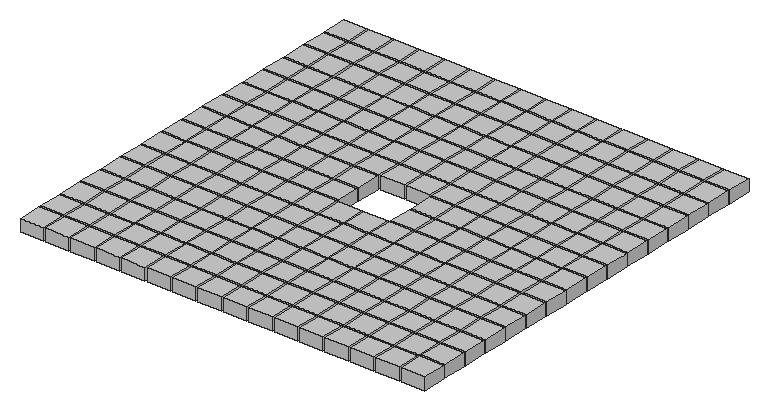
Revit family "Alcorque Ecológico", category Furniture, Revit 2020 (continued)
Dimensions and locks (m)
  equal spacing: plane 1833, plane 1834, plane 1835, plane 1836, plane 1837, plane 1838
  equal spacing: plane 1844, plane 1843, plane 1842, plane 1841, plane 1840, plane 1839
  equal spacing: plane 1845, plane 1846, plane 1847, plane 1848, plane 1849, plane 1850
  equal spacing: plane 1856, plane 1855, plane 1854, plane 1853, plane 1852, plane 1851
  equal spacing: plane 1857, plane 1858, plane 1859, plane 1860, plane 1861, plane 1862
  equal spacing: plane 1868, plane 1867, plane 1866, plane 1865, plane 1864, plane 1863
  equal spacing: plane 1869, plane 1870, plane 1871, plane 1872, plane 1873, plane 1874
  equal spacing: plane 1880, plane 1879, plane 1878, plane 1877, plane 1876, plane 1875
  equal spacing: plane 1881, plane 1882, plane 1883, plane 1884, plane 1885, plane 1886
  equal spacing: plane 1892, plane 1891, plane 1890, plane 1889, plane 1888, plane 1887
  equal spacing: plane 1893, plane 1894, plane 1895, plane 1896, plane 1897, plane 1898
  equal spacing: plane 1904, plane 1903, plane 1902, plane 1901, plane 1900, plane 1899
  equal spacing: plane 1905, plane 1906, plane 1907, plane 1908, plane 1909, plane 1910
  equal spacing: plane 1916, plane 1915, plane 1914, plane 1913, plane 1912, plane 1911
  equal spacing: plane 1917, plane 1918, plane 1919, plane 1920, plane 1921, plane 1922
  equal spacing: plane 1928, plane 1927, plane 1926, plane 1925, plane 1924, plane 1923
  equal spacing: plane 1929, plane 1930, plane 1931, plane 1932, plane 1933, plane 1934
  equal spacing: plane 1940, plane 1939, plane 1938, plane 1937, plane 1936, plane 1935
  equal spacing: plane 1941, plane 1942, plane 1943, plane 1944, plane 1945, plane 1946
  equal spacing: plane 1952, plane 1951, plane 1950, plane 1949, plane 1948, plane 1947
  equal spacing: plane 1953, plane 1954, plane 1955, plane 1956, plane 1957, plane 1958
  equal spacing: plane 1964, plane 1963, plane 1962, plane 1961, plane 1960, plane 1959
  equal spacing: plane 1965, plane 1966, plane 1967, plane 1968, plane 1969, plane 1970
  equal spacing: plane 1976, plane 1975, plane 1974, plane 1973, plane 1972, plane 1971
  equal spacing: plane 1977, plane 1978, plane 1979, plane 1980, plane 1981, plane 1982
  equal spacing: plane 1988, plane 1987, plane 1986, plane 1985, plane 1984, plane 1983
  equal spacing: plane 1989, plane 1990, plane 1991, plane 1992, plane 1993, plane 1994
  equal spacing: plane 2000, plane 1999, plane 1998, plane 1997, plane 1996, plane 1995
  equal spacing: plane 2001, plane 2002, plane 2003, plane 2004, plane 2005, plane 2006
  equal spacing: plane 2012, plane 2011, plane 2010, plane 2009, plane 2008, plane 2007
  equal spacing: plane 2013, plane 2014, plane 2015, plane 2016, plane 2017, plane 2018
  equal spacing: plane 2024, plane 2023, plane 2022, plane 2021, plane 2020, plane 2019
  equal spacing: plane 2025, plane 2026, plane 2027, plane 2028, plane 2029, plane 2030
  equal spacing: plane 2036, plane 2035, plane 2034, plane 2033, plane 2032, plane 2031
  equal spacing: plane 2037, plane 2038, plane 2039, plane 2040, plane 2041, plane 2042
  equal spacing: plane 2048, plane 2047, plane 2046, plane 2045, plane 2044, plane 2043
  equal spacing: plane 2049, plane 2050, plane 2051, plane 2052, plane 2053, plane 2054
  equal spacing: plane 2060, plane 2059, plane 2058, plane 2057, plane 2056, plane 2055
  equal spacing: plane 2061, plane 2062, plane 2063, plane 2064, plane 2065, plane 2066
  equal spacing: plane 2072, plane 2071, plane 2070, plane 2069, plane 2068, plane 2067
  equal spacing: plane 2073, plane 2074, plane 2075, plane 2076, plane 2077, plane 2078
  equal spacing: plane 2084, plane 2083, plane 2082, plane 2081, plane 2080, plane 2079
  equal spacing: plane 2085, plane 2086, plane 2087, plane 2088, plane 2089, plane 2090
  equal spacing: plane 2096, plane 2095, plane 2094, plane 2093, plane 2092, plane 2091
  equal spacing: plane 2097, plane 2098, plane 2099, plane 2100, plane 2101, plane 2102
  equal spacing: plane 2108, plane 2107, plane 2106, plane 2105, plane 2104, plane 2103
  equal spacing: plane 2109, plane 2110, plane 2111, plane 2112, plane 2113, plane 2114
  equal spacing: plane 2120, plane 2119, plane 2118, plane 2117, plane 2116, plane 2115
  equal spacing: plane 2121, plane 2122, plane 2123, plane 2124, plane 2125, plane 2126
  equal spacing: plane 2132, plane 2131, plane 2130, plane 2129, plane 2128, plane 2127
  equal spacing: plane 2133, plane 2134, plane 2135, plane 2136, plane 2137, plane 2138
  equal spacing: plane 2144, plane 2143, plane 2142, plane 2141, plane 2140, plane 2139
  equal spacing: plane 2145, plane 2146, plane 2147, plane 2148, plane 2149, plane 2150
  equal spacing: plane 2156, plane 2155, plane 2154, plane 2153, plane 2152, plane 2151
  equal spacing: plane 2157, plane 2158, plane 2159, plane 2160, plane 2161, plane 2162
  equal spacing: plane 2168, plane 2167, plane 2166, plane 2165, plane 2164, plane 2163
  equal spacing: plane 2169, plane 2170, plane 2171, plane 2172, plane 2173, plane 2174
  equal spacing: plane 2180, plane 2179, plane 2178, plane 2177, plane 2176, plane 2175
  equal spacing: plane 2181, plane 2182, plane 2183, plane 2184, plane 2185, plane 2186
  equal spacing: plane 2192, plane 2191, plane 2190, plane 2189, plane 2188, plane 2187
  equal spacing: plane 2193, plane 2194, plane 2195, plane 2196, plane 2197, plane 2198
  equal spacing: plane 2204, plane 2203, plane 2202, plane 2201, plane 2200, plane 2199
  equal spacing: plane 2205, plane 2206, plane 2207, plane 2208, plane 2209, plane 2210
  equal spacing: plane 2216, plane 2215, plane 2214, plane 2213, plane 2212, plane 2211
  equal spacing: plane 2217, plane 2218, plane 2219, plane 2220, plane 2221, plane 2222
  equal spacing: plane 2228, plane 2227, plane 2226, plane 2225, plane 2224, plane 2223
  equal spacing: plane 2229, plane 2230, plane 2231, plane 2232, plane 2233, plane 2234
  equal spacing: plane 2240, plane 2239, plane 2238, plane 2237, plane 2236, plane 2235
  equal spacing: plane 2241, plane 2242, plane 2243, plane 2244, plane 2245, plane 2246
  equal spacing: plane 2252, plane 2251, plane 2250, plane 2249, plane 2248, plane 2247
  equal spacing: plane 2253, plane 2254, plane 2255, plane 2256, plane 2257, plane 2258
  equal spacing: plane 2264, plane 2263, plane 2262, plane 2261, plane 2260, plane 2259
  equal spacing: plane 2265, plane 2266, plane 2267, plane 2268, plane 2269, plane 2270
  equal spacing: plane 2276, plane 2275, plane 2274, plane 2273, plane 2272, plane 2271
  equal spacing: plane 2277, plane 2278, plane 2279, plane 2280, plane 2281, plane 2282
  equal spacing: plane 2288, plane 2287, plane 2286, plane 2285, plane 2284, plane 2283
  equal spacing: plane 2289, plane 2290, plane 2291, plane 2292, plane 2293, plane 2294
  equal spacing: plane 2300, plane 2299, plane 2298, plane 2297, plane 2296, plane 2295
  equal spacing: plane 2301, plane 2302, plane 2303, plane 2304, plane 2305, plane 2306
  equal spacing: plane 2312, plane 2311, plane 2310, plane 2309, plane 2308, plane 2307
  equal spacing: plane 2313, plane 2314, plane 2315, plane 2316, plane 2317, plane 2318
  equal spacing: plane 2324, plane 2323, plane 2322, plane 2321, plane 2320, plane 2319
  equal spacing: plane 2325, plane 2326, plane 2327, plane 2328, plane 2329, plane 2330
  equal spacing: plane 2336, plane 2335, plane 2334, plane 2333, plane 2332, plane 2331
  equal spacing: plane 2337, plane 2338, plane 2339, plane 2340, plane 2341, plane 2342
  equal spacing: plane 2348, plane 2347, plane 2346, plane 2345, plane 2344, plane 2343
  equal spacing: plane 2349, plane 2350, plane 2351, plane 2352, plane 2353, plane 2354
  equal spacing: plane 2360, plane 2359, plane 2358, plane 2357, plane 2356, plane 2355
  equal spacing: plane 2361, plane 2362, plane 2363, plane 2364, plane 2365, plane 2366
  equal spacing: plane 2372, plane 2371, plane 2370, plane 2369, plane 2368, plane 2367
  equal spacing: plane 2373, plane 2374, plane 2375, plane 2376, plane 2377, plane 2378
  equal spacing: plane 2384, plane 2383, plane 2382, plane 2381, plane 2380, plane 2379
  equal spacing: plane 2385, plane 2386, plane 2387, plane 2388, plane 2389, plane 2390
  equal spacing: plane 2396, plane 2395, plane 2394, plane 2393, plane 2392, plane 2391
  equal spacing: plane 2397, plane 2398, plane 2399, plane 2400, plane 2401, plane 2402
  equal spacing: plane 2408, plane 2407, plane 2406, plane 2405, plane 2404, plane 2403
  equal spacing: plane 2409, plane 2410, plane 2411, plane 2412, plane 2413, plane 2414
  equal spacing: plane 2420, plane 2419, plane 2418, plane 2417, plane 2416, plane 2415
  equal spacing: plane 2421, plane 2422, plane 2423, plane 2424, plane 2425, plane 2426
  equal spacing: plane 2432, plane 2431, plane 2430, plane 2429, plane 2428, plane 2427
  equal spacing: plane 2433, plane 2434, plane 2435, plane 2436, plane 2437, plane 2438
  equal spacing: plane 2444, plane 2443, plane 2442, plane 2441, plane 2440, plane 2439
  equal spacing: plane 2445, plane 2446, plane 2447, plane 2448, plane 2449, plane 2450
  equal spacing: plane 2456, plane 2455, plane 2454, plane 2453, plane 2452, plane 2451
  equal spacing: plane 2457, plane 2458, plane 2459, plane 2460, plane 2461, plane 2462
  equal spacing: plane 2468, plane 2467, plane 2466, plane 2465, plane 2464, plane 2463
  equal spacing: plane 2469, plane 2470, plane 2471, plane 2472, plane 2473, plane 2474
  equal spacing: plane 2480, plane 2479, plane 2478, plane 2477, plane 2476, plane 2475
  equal spacing: plane 2481, plane 2482, plane 2483, plane 2484, plane 2485, plane 2486
  equal spacing: plane 2492, plane 2491, plane 2490, plane 2489, plane 2488, plane 2487
  equal spacing: plane 2493, plane 2494, plane 2495, plane 2496, plane 2497, plane 2498
  equal spacing: plane 2504, plane 2503, plane 2502, plane 2501, plane 2500, plane 2499
  equal spacing: plane 2505, plane 2506, plane 2507, plane 2508, plane 2509, plane 2510
  equal spacing: plane 2516, plane 2515, plane 2514, plane 2513, plane 2512, plane 2511
  equal spacing: plane 2517, plane 2518, plane 2519, plane 2520, plane 2521, plane 2522
  equal spacing: plane 2528, plane 2527, plane 2526, plane 2525, plane 2524, plane 2523
  equal spacing: plane 2529, plane 2530, plane 2531, plane 2532, plane 2533, plane 2534
  equal spacing: plane 2540, plane 2539, plane 2538, plane 2537, plane 2536, plane 2535
  equal spacing: plane 2541, plane 2542, plane 2543, plane 2544, plane 2545, plane 2546
  equal spacing: plane 2552, plane 2551, plane 2550, plane 2549, plane 2548, plane 2547
  equal spacing: plane 2553, plane 2554, plane 2555, plane 2556, plane 2557, plane 2558
  equal spacing: plane 2564, plane 2563, plane 2562, plane 2561, plane 2560, plane 2559
  equal spacing: plane 2565, plane 2566, plane 2567, plane 2568, plane 2569, plane 2570
  equal spacing: plane 2576, plane 2575, plane 2574, plane 2573, plane 2572, plane 2571
  equal spacing: plane 2577, plane 2578, plane 2579, plane 2580, plane 2581, plane 2582
  equal spacing: plane 2588, plane 2587, plane 2586, plane 2585, plane 2584, plane 2583
  equal spacing: plane 2589, plane 2590, plane 2591, plane 2592, plane 2593, plane 2594
  equal spacing: plane 2600, plane 2599, plane 2598, plane 2597, plane 2596, plane 2595
  equal spacing: plane 2601, plane 2602, plane 2603, plane 2604, plane 2605, plane 2606
  equal spacing: plane 2612, plane 2611, plane 2610, plane 2609, plane 2608, plane 2607
  equal spacing: plane 2613, plane 2614, plane 2615, plane 2616, plane 2617, plane 2618
  equal spacing: plane 2624, plane 2623, plane 2622, plane 2621, plane 2620, plane 2619
  equal spacing: plane 2625, plane 2626, plane 2627, plane 2628, plane 2629, plane 2630
  equal spacing: plane 2636, plane 2635, plane 2634, plane 2633, plane 2632, plane 2631
  equal spacing: plane 2637, plane 2638, plane 2639, plane 2640, plane 2641, plane 2642
  equal spacing: plane 2648, plane 2647, plane 2646, plane 2645, plane 2644, plane 2643
  equal spacing: plane 2649, plane 2650, plane 2651, plane 2652, plane 2653, plane 2654
  equal spacing: plane 2660, plane 2659, plane 2658, plane 2657, plane 2656, plane 2655
  equal spacing: plane 2661, plane 2662, plane 2663, plane 2664, plane 2665, plane 2666
  equal spacing: plane 2672, plane 2671, plane 2670, plane 2669, plane 2668, plane 2667
  equal spacing: plane 2673, plane 2674, plane 2675, plane 2676, plane 2677, plane 2678
  equal spacing: plane 2684, plane 2683, plane 2682, plane 2681, plane 2680, plane 2679
  equal spacing: plane 2685, plane 2686, plane 2687, plane 2688, plane 2689, plane 2690
  equal spacing: plane 2696, plane 2695, plane 2694, plane 2693, plane 2692, plane 2691
  equal spacing: plane 2697, plane 2698, plane 2699, plane 2700, plane 2701, plane 2702
  equal spacing: plane 2708, plane 2707, plane 2706, plane 2705, plane 2704, plane 2703
  equal spacing: plane 2709, plane 2710, plane 2711, plane 2712, plane 2713, plane 2714
  equal spacing: plane 2720, plane 2719, plane 2718, plane 2717, plane 2716, plane 2715
  equal spacing: plane 2721, plane 2722, plane 2723, plane 2724, plane 2725, plane 2726
  equal spacing: plane 2732, plane 2731, plane 2730, plane 2729, plane 2728, plane 2727
  equal spacing: plane 2733, plane 2734, plane 2735, plane 2736, plane 2737, plane 2738
  equal spacing: plane 2744, plane 2743, plane 2742, plane 2741, plane 2740, plane 2739
  equal spacing: plane 2745, plane 2746, plane 2747, plane 2748, plane 2749, plane 2750
  equal spacing: plane 2756, plane 2755, plane 2754, plane 2753, plane 2752, plane 2751
  equal spacing: plane 2757, plane 2758, plane 2759, plane 2760, plane 2761, plane 2762
  equal spacing: plane 2768, plane 2767, plane 2766, plane 2765, plane 2764, plane 2763
  equal spacing: plane 2769, plane 2770, plane 2771, plane 2772, plane 2773, plane 2774
  equal spacing: plane 2780, plane 2779, plane 2778, plane 2777, plane 2776, plane 2775
  equal spacing: plane 2781, plane 2782, plane 2783, plane 2784, plane 2785, plane 2786
  equal spacing: plane 2792, plane 2791, plane 2790, plane 2789, plane 2788, plane 2787
  equal spacing: plane 2793, plane 2794, plane 2795, plane 2796, plane 2797, plane 2798
  equal spacing: plane 2804, plane 2803, plane 2802, plane 2801, plane 2800, plane 2799
  equal spacing: plane 2805, plane 2806, plane 2807, plane 2808, plane 2809, plane 2810
  equal spacing: plane 2816, plane 2815, plane 2814, plane 2813, plane 2812, plane 2811
  equal spacing: plane 2817, plane 2818, plane 2819, plane 2820, plane 2821, plane 2822
  equal spacing: plane 2828, plane 2827, plane 2826, plane 2825, plane 2824, plane 2823
  equal spacing: plane 2829, plane 2830, plane 2831, plane 2832, plane 2833, plane 2834
  equal spacing: plane 2840, plane 2839, plane 2838, plane 2837, plane 2836, plane 2835
  equal spacing: plane 2841, plane 2842, plane 2843, plane 2844, plane 2845, plane 2846
  equal spacing: plane 2852, plane 2851, plane 2850, plane 2849, plane 2848, plane 2847
  equal spacing: plane 2853, plane 2854, plane 2855, plane 2856, plane 2857, plane 2858
  equal spacing: plane 2864, plane 2863, plane 2862, plane 2861, plane 2860, plane 2859
  equal spacing: plane 2865, plane 2866, plane 2867, plane 2868, plane 2869, plane 2870
  equal spacing: plane 2876, plane 2875, plane 2874, plane 2873, plane 2872, plane 2871
  equal spacing: plane 2877, plane 2878, plane 2879, plane 2880, plane 2881, plane 2882
  equal spacing: plane 2888, plane 2887, plane 2886, plane 2885, plane 2884, plane 2883
  equal spacing: plane 2889, plane 2890, plane 2891, plane 2892, plane 2893, plane 2894
  equal spacing: plane 2900, plane 2899, plane 2898, plane 2897, plane 2896, plane 2895
  equal spacing: plane 2901, plane 2902, plane 2903, plane 2904, plane 2905, plane 2906
  equal spacing: plane 2912, plane 2911, plane 2910, plane 2909, plane 2908, plane 2907
  equal spacing: plane 2913, plane 2914, plane 2915, plane 2916, plane 2917, plane 2918
  equal spacing: plane 2924, plane 2923, plane 2922, plane 2921, plane 2920, plane 2919
  equal spacing: plane 2925, plane 2926, plane 2927, plane 2928, plane 2929, plane 2930
  equal spacing: plane 2936, plane 2935, plane 2934, plane 2933, plane 2932, plane 2931
  equal spacing: plane 2937, plane 2938, plane 2939, plane 2940, plane 2941, plane 2942
  equal spacing: plane 2948, plane 2947, plane 2946, plane 2945, plane 2944, plane 2943
  equal spacing: plane 2949, plane 2950, plane 2951, plane 2952, plane 2953, plane 2954
  equal spacing: plane 2960, plane 2959, plane 2958, plane 2957, plane 2956, plane 2955
  equal spacing: plane 2961, plane 2962, plane 2963, plane 2964, plane 2965, plane 2966
  equal spacing: plane 2972, plane 2971, plane 2970, plane 2969, plane 2968, plane 2967
  equal spacing: plane 2973, plane 2974, plane 2975, plane 2976, plane 2977, plane 2978
  equal spacing: plane 2984, plane 2983, plane 2982, plane 2981, plane 2980, plane 2979
  equal spacing: plane 2985, plane 2986, plane 2987, plane 2988, plane 2989, plane 2990
  equal spacing: plane 2996, plane 2995, plane 2994, plane 2993, plane 2992, plane 2991
  equal spacing: plane 2997, plane 2998, plane 2999, plane 3000, plane 3001, plane 3002
  equal spacing: plane 3008, plane 3007, plane 3006, plane 3005, plane 3004, plane 3003
  equal spacing: plane 3009, plane 3010, plane 3011, plane 3012, plane 3013, plane 3014
  equal spacing: plane 3020, plane 3019, plane 3018, plane 3017, plane 3016, plane 3015
  equal spacing: plane 3021, plane 3022, plane 3023, plane 3024, plane 3025, plane 3026
  equal spacing: plane 3032, plane 3031, plane 3030, plane 3029, plane 3028, plane 3027
  equal spacing: plane 3033, plane 3034, plane 3035, plane 3036, plane 3037, plane 3038
  equal spacing: plane 3044, plane 3043, plane 3042, plane 3041, plane 3040, plane 3039
  equal spacing: plane 3045, plane 3046, plane 3047, plane 3048, plane 3049, plane 3050
  equal spacing: plane 3056, plane 3055, plane 3054, plane 3053, plane 3052, plane 3051
  equal spacing: plane 3057, plane 3058, plane 3059, plane 3060, plane 3061, plane 3062
  equal spacing: plane 3068, plane 3067, plane 3066, plane 3065, plane 3064, plane 3063
  equal spacing: plane 3069, plane 3070, plane 3071, plane 3072, plane 3073, plane 3074
  equal spacing: plane 3080, plane 3079, plane 3078, plane 3077, plane 3076, plane 3075
  equal spacing: plane 3081, plane 3082, plane 3083, plane 3084, plane 3085, plane 3086
  equal spacing: plane 3092, plane 3091, plane 3090, plane 3089, plane 3088, plane 3087
  equal spacing: plane 3093, plane 3094, plane 3095, plane 3096, plane 3097, plane 3098
  equal spacing: plane 3104, plane 3103, plane 3102, plane 3101, plane 3100, plane 3099
  equal spacing: plane 3105, plane 3106, plane 3107, plane 3108, plane 3109, plane 3110
  equal spacing: plane 3116, plane 3115, plane 3114, plane 3113, plane 3112, plane 3111
  equal spacing: plane 3117, plane 3118, plane 3119, plane 3120, plane 3121, plane 3122
  equal spacing: plane 3128, plane 3127, plane 3126, plane 3125, plane 3124, plane 3123
  equal spacing: plane 3129, plane 3130, plane 3131, plane 3132, plane 3133, plane 3134
  equal spacing: plane 3140, plane 3139, plane 3138, plane 3137, plane 3136, plane 3135
  equal spacing: plane 3141, plane 3142, plane 3143, plane 3144, plane 3145, plane 3146
  equal spacing: plane 3152, plane 3151, plane 3150, plane 3149, plane 3148, plane 3147
  equal spacing: plane 3153, plane 3154, plane 3155, plane 3156, plane 3157, plane 3158
  equal spacing: plane 3164, plane 3163, plane 3162, plane 3161, plane 3160, plane 3159
  equal spacing: plane 3165, plane 3166, plane 3167, plane 3168, plane 3169, plane 3170
  equal spacing: plane 3176, plane 3175, plane 3174, plane 3173, plane 3172, plane 3171
  equal spacing: plane 3177, plane 3178, plane 3179, plane 3180, plane 3181, plane 3182
  equal spacing: plane 3188, plane 3187, plane 3186, plane 3185, plane 3184, plane 3183
  equal spacing: plane 3189, plane 3190, plane 3191, plane 3192, plane 3193, plane 3194
  equal spacing: plane 3200, plane 3199, plane 3198, plane 3197, plane 3196, plane 3195
  equal spacing: plane 3201, plane 3202, plane 3203, plane 3204, plane 3205, plane 3206
  equal spacing: plane 3212, plane 3211, plane 3210, plane 3209, plane 3208, plane 3207
  equal spacing: plane 3213, plane 3214, plane 3215, plane 3216, plane 3217, plane 3218
  equal spacing: plane 3224, plane 3223, plane 3222, plane 3221, plane 3220, plane 3219
  equal spacing: plane 3225, plane 3226, plane 3227, plane 3228, plane 3229, plane 3230
  equal spacing: plane 3236, plane 3235, plane 3234, plane 3233, plane 3232, plane 3231
  equal spacing: plane 3237, plane 3238, plane 3239, plane 3240, plane 3241, plane 3242
  equal spacing: plane 3248, plane 3247, plane 3246, plane 3245, plane 3244, plane 3243
  equal spacing: plane 3249, plane 3250, plane 3251, plane 3252, plane 3253, plane 3254
  equal spacing: plane 3260, plane 3259, plane 3258, plane 3257, plane 3256, plane 3255
  equal spacing: plane 3261, plane 3262, plane 3263, plane 3264, plane 3265, plane 3266
  equal spacing: plane 3272, plane 3271, plane 3270, plane 3269, plane 3268, plane 3267
  equal spacing: plane 3273, plane 3274, plane 3275, plane 3276, plane 3277, plane 3278
  equal spacing: plane 3284, plane 3283, plane 3282, plane 3281, plane 3280, plane 3279
  equal spacing: plane 3285, plane 3286, plane 3287, plane 3288, plane 3289, plane 3290
  equal spacing: plane 3296, plane 3295, plane 3294, plane 3293, plane 3292, plane 3291
  equal spacing: plane 3297, plane 3298, plane 3299, plane 3300, plane 3301, plane 3302
  equal spacing: plane 3308, plane 3307, plane 3306, plane 3305, plane 3304, plane 3303
  equal spacing: plane 3309, plane 3310, plane 3311, plane 3312, plane 3313, plane 3314
  equal spacing: plane 3320, plane 3319, plane 3318, plane 3317, plane 3316, plane 3315
  equal spacing: plane 3321, plane 3322, plane 3323, plane 3324, plane 3325, plane 3326
  equal spacing: plane 3332, plane 3331, plane 3330, plane 3329, plane 3328, plane 3327
  equal spacing: plane 3333, plane 3334, plane 3335, plane 3336, plane 3337, plane 3338
  equal spacing: plane 3344, plane 3343, plane 3342, plane 3341, plane 3340, plane 3339
  equal spacing: plane 3345, plane 3346, plane 3347, plane 3348, plane 3349, plane 3350
  equal spacing: plane 3356, plane 3355, plane 3354, plane 3353, plane 3352, plane 3351
  equal spacing: plane 3357, plane 3358, plane 3359, plane 3360, plane 3361, plane 3362
  equal spacing: plane 3368, plane 3367, plane 3366, plane 3365, plane 3364, plane 3363
  equal spacing: plane 3369, plane 3370, plane 3371, plane 3372, plane 3373, plane 3374
  equal spacing: plane 3380, plane 3379, plane 3378, plane 3377, plane 3376, plane 3375
  equal spacing: plane 3381, plane 3382, plane 3383, plane 3384, plane 3385, plane 3386
  equal spacing: plane 3392, plane 3391, plane 3390, plane 3389, plane 3388, plane 3387
  equal spacing: plane 3393, plane 3394, plane 3395, plane 3396, plane 3397, plane 3398
  equal spacing: plane 3404, plane 3403, plane 3402, plane 3401, plane 3400, plane 3399
  equal spacing: plane 3405, plane 3406, plane 3407, plane 3408, plane 3409, plane 3410
  equal spacing: plane 3416, plane 3415, plane 3414, plane 3413, plane 3412, plane 3411
  equal spacing: plane 3417, plane 3418, plane 3419, plane 3420, plane 3421, plane 3422
  equal spacing: plane 3428, plane 3427, plane 3426, plane 3425, plane 3424, plane 3423
  equal spacing: plane 3429, plane 3430, plane 3431, plane 3432, plane 3433, plane 3434
  equal spacing: plane 3440, plane 3439, plane 3438, plane 3437, plane 3436, plane 3435
  equal spacing: plane 3441, plane 3442, plane 3443, plane 3444, plane 3445, plane 3446
  equal spacing: plane 3452, plane 3451, plane 3450, plane 3449, plane 3448, plane 3447
  equal spacing: plane 3453, plane 3454, plane 3455, plane 3456, plane 3457, plane 3458
  equal spacing: plane 3464, plane 3463, plane 3462, plane 3461, plane 3460, plane 3459
  equal spacing: plane 3465, plane 3466, plane 3467, plane 3468, plane 3469, plane 3470
  equal spacing: plane 3476, plane 3475, plane 3474, plane 3473, plane 3472, plane 3471
  equal spacing: plane 3477, plane 3478, plane 3479, plane 3480, plane 3481, plane 3482
  equal spacing: plane 3488, plane 3487, plane 3486, plane 3485, plane 3484, plane 3483
  equal spacing: plane 3489, plane 3490, plane 3491, plane 3492, plane 3493, plane 3494
  equal spacing: plane 3500, plane 3499, plane 3498, plane 3497, plane 3496, plane 3495
  equal spacing: plane 3501, plane 3502, plane 3503, plane 3504, plane 3505, plane 3506
  equal spacing: plane 3512, plane 3511, plane 3510, plane 3509, plane 3508, plane 3507
  equal spacing: plane 3513, plane 3514, plane 3515, plane 3516, plane 3517, plane 3518
  equal spacing: plane 3524, plane 3523, plane 3522, plane 3521, plane 3520, plane 3519
  equal spacing: plane 3525, plane 3526, plane 3527, plane 3528, plane 3529, plane 3530
  equal spacing: plane 3536, plane 3535, plane 3534, plane 3533, plane 3532, plane 3531
  equal spacing: plane 3537, plane 3538, plane 3539, plane 3540, plane 3541, plane 3542
  equal spacing: plane 3548, plane 3547, plane 3546, plane 3545, plane 3544, plane 3543
  equal spacing: plane 3549, plane 3550, plane 3551, plane 3552, plane 3553, plane 3554
  equal spacing: plane 3560, plane 3559, plane 3558, plane 3557, plane 3556, plane 3555
  equal spacing: plane 3561, plane 3562, plane 3563, plane 3564, plane 3565, plane 3566
  equal spacing: plane 3572, plane 3571, plane 3570, plane 3569, plane 3568, plane 3567
  equal spacing: plane 3573, plane 3574, plane 3575, plane 3576, plane 3577, plane 3578
  equal spacing: plane 3584, plane 3583, plane 3582, plane 3581, plane 3580, plane 3579
  equal spacing: plane 3585, plane 3586, plane 3587, plane 3588, plane 3589, plane 3590
  equal spacing: plane 3596, plane 3595, plane 3594, plane 3593, plane 3592, plane 3591
  equal spacing: plane 3597, plane 3598, plane 3599, plane 3600, plane 3601, plane 3602
  equal spacing: plane 3608, plane 3607, plane 3606, plane 3605, plane 3604, plane 3603
  equal spacing: plane 3609, plane 3610, plane 3611, plane 3612, plane 3613, plane 3614
  equal spacing: plane 3620, plane 3619, plane 3618, plane 3617, plane 3616, plane 3615
  equal spacing: plane 3621, plane 3622, plane 3623, plane 3624, plane 3625, plane 3626
  equal spacing: plane 3632, plane 3631, plane 3630, plane 3629, plane 3628, plane 3627
  equal spacing: plane 3633, plane 3634, plane 3635, plane 3636, plane 3637, plane 3638
  equal spacing: plane 3644, plane 3643, plane 3642, plane 3641, plane 3640, plane 3639
  equal spacing: plane 3645, plane 3646, plane 3647, plane 3648, plane 3649, plane 3650
  equal spacing: plane 3656, plane 3655, plane 3654, plane 3653, plane 3652, plane 3651
  equal spacing: plane 3657, plane 3658, plane 3659, plane 3660, plane 3661, plane 3662
  equal spacing: plane 3668, plane 3667, plane 3666, plane 3665, plane 3664, plane 3663
  equal spacing: plane 3669, plane 3670, plane 3671, plane 3672, plane 3673, plane 3674
  equal spacing: plane 3680, plane 3679, plane 3678, plane 3677, plane 3676, plane 3675
  equal spacing: plane 3681, plane 3682, plane 3683, plane 3684, plane 3685, plane 3686
  equal spacing: plane 3692, plane 3691, plane 3690, plane 3689, plane 3688, plane 3687
  equal spacing: plane 3693, plane 3694, plane 3695, plane 3696, plane 3697, plane 3698
  equal spacing: plane 3704, plane 3703, plane 3702, plane 3701, plane 3700, plane 3699
  equal spacing: plane 3705, plane 3706, plane 3707, plane 3708, plane 3709, plane 3710
  equal spacing: plane 3716, plane 3715, plane 3714, plane 3713, plane 3712, plane 3711
  equal spacing: plane 3717, plane 3718, plane 3719, plane 3720, plane 3721, plane 3722
  equal spacing: plane 3728, plane 3727, plane 3726, plane 3725, plane 3724, plane 3723
  equal spacing: plane 3729, plane 3730, plane 3731, plane 3732, plane 3733, plane 3734
  equal spacing: plane 3740, plane 3739, plane 3738, plane 3737, plane 3736, plane 3735
  equal spacing: plane 3741, plane 3742, plane 3743, plane 3744, plane 3745, plane 3746
  equal spacing: plane 3752, plane 3751, plane 3750, plane 3749, plane 3748, plane 3747
  equal spacing: plane 3753, plane 3754, plane 3755, plane 3756, plane 3757, plane 3758
  equal spacing: plane 3764, plane 3763, plane 3762, plane 3761, plane 3760, plane 3759
  equal spacing: plane 3765, plane 3766, plane 3767, plane 3768, plane 3769, plane 3770
  equal spacing: plane 3776, plane 3775, plane 3774, plane 3773, plane 3772, plane 3771
  equal spacing: plane 3777, plane 3778, plane 3779, plane 3780, plane 3781, plane 3782
  equal spacing: plane 3788, plane 3787, plane 3786, plane 3785, plane 3784, plane 3783
  equal spacing: plane 3789, plane 3790, plane 3791, plane 3792, plane 3793, plane 3794
  equal spacing: plane 3800, plane 3799, plane 3798, plane 3797, plane 3796, plane 3795
  equal spacing: plane 3801, plane 3802, plane 3803, plane 3804, plane 3805, plane 3806
  equal spacing: plane 3812, plane 3811, plane 3810, plane 3809, plane 3808, plane 3807
  equal spacing: plane 3813, plane 3814, plane 3815, plane 3816, plane 3817, plane 3818
  equal spacing: plane 3824, plane 3823, plane 3822, plane 3821, plane 3820, plane 3819
  equal spacing: plane 3825, plane 3826, plane 3827, plane 3828, plane 3829, plane 3830
  equal spacing: plane 3836, plane 3835, plane 3834, plane 3833, plane 3832, plane 3831
  equal spacing: plane 3837, plane 3838, plane 3839, plane 3840, plane 3841, plane 3842
  equal spacing: plane 3848, plane 3847, plane 3846, plane 3845, plane 3844, plane 3843
  equal spacing: plane 3849, plane 3850, plane 3851, plane 3852, plane 3853, plane 3854
  equal spacing: plane 3860, plane 3859, plane 3858, plane 3857, plane 3856, plane 3855
  equal spacing: plane 3861, plane 3862, plane 3863, plane 3864, plane 3865, plane 3866
  equal spacing: plane 3872, plane 3871, plane 3870, plane 3869, plane 3868, plane 3867
  equal spacing: plane 3873, plane 3874, plane 3875, plane 3876, plane 3877, plane 3878
  equal spacing: plane 3884, plane 3883, plane 3882, plane 3881, plane 3880, plane 3879
  equal spacing: plane 3885, plane 3886, plane 3887, plane 3888, plane 3889, plane 3890
  equal spacing: plane 3896, plane 3895, plane 3894, plane 3893, plane 3892, plane 3891
  equal spacing: plane 3897, plane 3898, plane 3899, plane 3900, plane 3901, plane 3902
  equal spacing: plane 3908, plane 3907, plane 3906, plane 3905, plane 3904, plane 3903
  equal spacing: plane 3909, plane 3910, plane 3911, plane 3912, plane 3913, plane 3914
  equal spacing: plane 3920, plane 3919, plane 3918, plane 3917, plane 3916, plane 3915
  equal spacing: plane 3921, plane 3922, plane 3923, plane 3924, plane 3925, plane 3926
  equal spacing: plane 3932, plane 3931, plane 3930, plane 3929, plane 3928, plane 3927
  equal spacing: plane 3933, plane 3934, plane 3935, plane 3936, plane 3937, plane 3938
  equal spacing: plane 3944, plane 3943, plane 3942, plane 3941, plane 3940, plane 3939
  equal spacing: plane 3945, plane 3946, plane 3947, plane 3948, plane 3949, plane 3950
  equal spacing: plane 3956, plane 3955, plane 3954, plane 3953, plane 3952, plane 3951
  equal spacing: plane 3957, plane 3958, plane 3959, plane 3960, plane 3961, plane 3962
  equal spacing: plane 3968, plane 3967, plane 3966, plane 3965, plane 3964, plane 3963
  equal spacing: plane 3969, plane 3970, plane 3971, plane 3972, plane 3973, plane 3974
  equal spacing: plane 3980, plane 3979, plane 3978, plane 3977, plane 3976, plane 3975
  equal spacing: plane 3981, plane 3982, plane 3983, plane 3984, plane 3985, plane 3986
  equal spacing: plane 3992, plane 3991, plane 3990, plane 3989, plane 3988, plane 3987
  equal spacing: plane 3993, plane 3994, plane 3995, plane 3996, plane 3997, plane 3998
  equal spacing: plane 4004, plane 4003, plane 4002, plane 4001, plane 4000, plane 3999
  equal spacing: plane 4005, plane 4006, plane 4007, plane 4008, plane 4009, plane 4010
  equal spacing: plane 4016, plane 4015, plane 4014, plane 4013, plane 4012, plane 4011
  equal spacing: plane 4017, plane 4018, plane 4019, plane 4020, plane 4021, plane 4022
  equal spacing: plane 4028, plane 4027, plane 4026, plane 4025, plane 4024, plane 4023
  equal spacing: plane 4029, plane 4030, plane 4031, plane 4032, plane 4033, plane 4034
  equal spacing: plane 4040, plane 4039, plane 4038, plane 4037, plane 4036, plane 4035
  equal spacing: plane 4041, plane 4042, plane 4043, plane 4044, plane 4045, plane 4046
  equal spacing: plane 4052, plane 4051, plane 4050, plane 4049, plane 4048, plane 4047
  equal spacing: plane 4053, plane 4054, plane 4055, plane 4056, plane 4057, plane 4058
  equal spacing: plane 4064, plane 4063, plane 4062, plane 4061, plane 4060, plane 4059
  equal spacing: plane 4065, plane 4066, plane 4067, plane 4068, plane 4069, plane 4070
  equal spacing: plane 4076, plane 4075, plane 4074, plane 4073, plane 4072, plane 4071
  equal spacing: plane 4077, plane 4078, plane 4079, plane 4080, plane 4081, plane 4082
  equal spacing: plane 4088, plane 4087, plane 4086, plane 4085, plane 4084, plane 4083
  equal spacing: plane 4089, plane 4090, plane 4091, plane 4092, plane 4093, plane 4094
  equal spacing: plane 4100, plane 4099, plane 4098, plane 4097, plane 4096, plane 4095
  equal spacing: plane 4101, plane 4102, plane 4103, plane 4104, plane 4105, plane 4106
  equal spacing: plane 4112, plane 4111, plane 4110, plane 4109, plane 4108, plane 4107
  equal spacing: plane 4113, plane 4114, plane 4115, plane 4116, plane 4117, plane 4118
  equal spacing: plane 4124, plane 4123, plane 4122, plane 4121, plane 4120, plane 4119
  equal spacing: plane 4125, plane 4126, plane 4127, plane 4128, plane 4129, plane 4130
  equal spacing: plane 4136, plane 4135, plane 4134, plane 4133, plane 4132, plane 4131
  equal spacing: plane 4137, plane 4138, plane 4139, plane 4140, plane 4141, plane 4142
  equal spacing: plane 4148, plane 4147, plane 4146, plane 4145, plane 4144, plane 4143
  equal spacing: plane 4149, plane 4150, plane 4151, plane 4152, plane 4153, plane 4154
  equal spacing: plane 4160, plane 4159, plane 4158, plane 4157, plane 4156, plane 4155
  equal spacing: plane 4161, plane 4162, plane 4163, plane 4164, plane 4165, plane 4166
  equal spacing: plane 4172, plane 4171, plane 4170, plane 4169, plane 4168, plane 4167
  equal spacing: plane 4173, plane 4174, plane 4175, plane 4176, plane 4177, plane 4178
  equal spacing: plane 4184, plane 4183, plane 4182, plane 4181, plane 4180, plane 4179
  equal spacing: plane 4185, plane 4186, plane 4187, plane 4188, plane 4189, plane 4190
  equal spacing: plane 4196, plane 4195, plane 4194, plane 4193, plane 4192, plane 4191
  equal spacing: plane 4197, plane 4198, plane 4199, plane 4200, plane 4201, plane 4202
  equal spacing: plane 4208, plane 4207, plane 4206, plane 4205, plane 4204, plane 4203
  equal spacing: plane 4209, plane 4210, plane 4211, plane 4212, plane 4213, plane 4214
  equal spacing: plane 4220, plane 4219, plane 4218, plane 4217, plane 4216, plane 4215
  equal spacing: plane 4221, plane 4222, plane 4223, plane 4224, plane 4225, plane 4226
  equal spacing: plane 4232, plane 4231, plane 4230, plane 4229, plane 4228, plane 4227
  equal spacing: plane 4233, plane 4234, plane 4235, plane 4236, plane 4237, plane 4238
  equal spacing: plane 4244, plane 4243, plane 4242, plane 4241, plane 4240, plane 4239
  equal spacing: plane 4245, plane 4246, plane 4247, plane 4248, plane 4249, plane 4250
  equal spacing: plane 4256, plane 4255, plane 4254, plane 4253, plane 4252, plane 4251
  equal spacing: plane 4257, plane 4258, plane 4259, plane 4260, plane 4261, plane 4262
  equal spacing: plane 4268, plane 4267, plane 4266, plane 4265, plane 4264, plane 4263
  equal spacing: plane 4269, plane 4270, plane 4271, plane 4272, plane 4273, plane 4274
  equal spacing: plane 4280, plane 4279, plane 4278, plane 4277, plane 4276, plane 4275
  equal spacing: plane 4281, plane 4282, plane 4283, plane 4284, plane 4285, plane 4286
  equal spacing: plane 4292, plane 4291, plane 4290, plane 4289, plane 4288, plane 4287
  equal spacing: plane 4293, plane 4294, plane 4295, plane 4296, plane 4297, plane 4298
  equal spacing: plane 4304, plane 4303, plane 4302, plane 4301, plane 4300, plane 4299
  equal spacing: plane 4305, plane 4306, plane 4307, plane 4308, plane 4309, plane 4310
  equal spacing: plane 4316, plane 4315, plane 4314, plane 4313, plane 4312, plane 4311
  equal spacing: plane 4317, plane 4318, plane 4319, plane 4320, plane 4321, plane 4322
  equal spacing: plane 4328, plane 4327, plane 4326, plane 4325, plane 4324, plane 4323
  equal spacing: plane 4329, plane 4330, plane 4331, plane 4332, plane 4333, plane 4334
  equal spacing: plane 4340, plane 4339, plane 4338, plane 4337, plane 4336, plane 4335
  equal spacing: plane 4341, plane 4342, plane 4343, plane 4344, plane 4345, plane 4346
  equal spacing: plane 4352, plane 4351, plane 4350, plane 4349, plane 4348, plane 4347
  equal spacing: plane 4353, plane 4354, plane 4355, plane 4356, plane 4357, plane 4358
  equal spacing: plane 4364, plane 4363, plane 4362, plane 4361, plane 4360, plane 4359
  equal spacing: plane 4365, plane 4366, plane 4367, plane 4368, plane 4369, plane 4370
  equal spacing: plane 4376, plane 4375, plane 4374, plane 4373, plane 4372, plane 4371
  equal spacing: plane 4377, plane 4378, plane 4379, plane 4380, plane 4381, plane 4382
  equal spacing: plane 4388, plane 4387, plane 4386, plane 4385, plane 4384, plane 4383
  equal spacing: plane 4389, plane 4390, plane 4391, plane 4392, plane 4393, plane 4394
  equal spacing: plane 4400, plane 4399, plane 4398, plane 4397, plane 4396, plane 4395
  equal spacing: plane 4401, plane 4402, plane 4403, plane 4404, plane 4405, plane 4406
  equal spacing: plane 4412, plane 4411, plane 4410, plane 4409, plane 4408, plane 4407
  equal spacing: plane 4413, plane 4414, plane 4415, plane 4416, plane 4417, plane 4418
  equal spacing: plane 4424, plane 4423, plane 4422, plane 4421, plane 4420, plane 4419
  equal spacing: plane 4425, plane 4426, plane 4427, plane 4428, plane 4429, plane 4430
  equal spacing: plane 4436, plane 4435, plane 4434, plane 4433, plane 4432, plane 4431
  equal spacing: plane 4437, plane 4438, plane 4439, plane 4440, plane 4441, plane 4442
  equal spacing: plane 4448, plane 4447, plane 4446, plane 4445, plane 4444, plane 4443
  equal spacing: plane 4449, plane 4450, plane 4451, plane 4452, plane 4453, plane 4454
  equal spacing: plane 4460, plane 4459, plane 4458, plane 4457, plane 4456, plane 4455
  equal spacing: plane 4461, plane 4462, plane 4463, plane 4464, plane 4465, plane 4466
  equal spacing: plane 4472, plane 4471, plane 4470, plane 4469, plane 4468, plane 4467
  equal spacing: plane 4473, plane 4474, plane 4475, plane 4476, plane 4477, plane 4478
  equal spacing: plane 4484, plane 4483, plane 4482, plane 4481, plane 4480, plane 4479
  equal spacing: plane 4485, plane 4486, plane 4487, plane 4488, plane 4489, plane 4490
  equal spacing: plane 4496, plane 4495, plane 4494, plane 4493, plane 4492, plane 4491
  equal spacing: plane 4497, plane 4498, plane 4499, plane 4500, plane 4501, plane 4502
  equal spacing: plane 4508, plane 4507, plane 4506, plane 4505, plane 4504, plane 4503
  equal spacing: plane 4509, plane 4510, plane 4511, plane 4512, plane 4513, plane 4514
  equal spacing: plane 4520, plane 4519, plane 4518, plane 4517, plane 4516, plane 4515
  equal spacing: plane 4521, plane 4522, plane 4523, plane 4524, plane 4525, plane 4526
  equal spacing: plane 4532, plane 4531, plane 4530, plane 4529, plane 4528, plane 4527
  equal spacing: plane 4533, plane 4534, plane 4535, plane 4536, plane 4537, plane 4538
  equal spacing: plane 4544, plane 4543, plane 4542, plane 4541, plane 4540, plane 4539
  equal spacing: plane 4545, plane 4546, plane 4547, plane 4548, plane 4549, plane 4550
  equal spacing: plane 4556, plane 4555, plane 4554, plane 4553, plane 4552, plane 4551
  equal spacing: plane 4557, plane 4558, plane 4559, plane 4560, plane 4561, plane 4562
  equal spacing: plane 4568, plane 4567, plane 4566, plane 4565, plane 4564, plane 4563
  equal spacing: plane 4569, plane 4570, plane 4571, plane 4572, plane 4573, plane 4574
  equal spacing: plane 4580, plane 4579, plane 4578, plane 4577, plane 4576, plane 4575
  equal spacing: plane 4581, plane 4582, plane 4583, plane 4584, plane 4585, plane 4586
  equal spacing: plane 4592, plane 4591, plane 4590, plane 4589, plane 4588, plane 4587
  equal spacing: plane 4593, plane 4594, plane 4595, plane 4596, plane 4597, plane 4598
  equal spacing: plane 4604, plane 4603, plane 4602, plane 4601, plane 4600, plane 4599
  equal spacing: plane 4605, plane 4606, plane 4607, plane 4608, plane 4609, plane 4610
  equal spacing: plane 4616, plane 4615, plane 4614, plane 4613, plane 4612, plane 4611
  equal spacing: plane 4617, plane 4618, plane 4619, plane 4620, plane 4621, plane 4622
  equal spacing: plane 4628, plane 4627, plane 4626, plane 4625, plane 4624, plane 4623
  equal spacing: plane 4629, plane 4630, plane 4631, plane 4632, plane 4633, plane 4634
  equal spacing: plane 4640, plane 4639, plane 4638, plane 4637, plane 4636, plane 4635
  equal spacing: plane 4641, plane 4642, plane 4643, plane 4644, plane 4645, plane 4646
  equal spacing: plane 4652, plane 4651, plane 4650, plane 4649, plane 4648, plane 4647
  equal spacing: plane 4653, plane 4654, plane 4655, plane 4656, plane 4657, plane 4658
  equal spacing: plane 4664, plane 4663, plane 4662, plane 4661, plane 4660, plane 4659
  equal spacing: plane 4665, plane 4666, plane 4667, plane 4668, plane 4669, plane 4670
  equal spacing: plane 4676, plane 4675, plane 4674, plane 4673, plane 4672, plane 4671
  equal spacing: plane 4677, plane 4678, plane 4679, plane 4680, plane 4681, plane 4682
  equal spacing: plane 4688, plane 4687, plane 4686, plane 4685, plane 4684, plane 4683
  equal spacing: plane 4689, plane 4690, plane 4691, plane 4692, plane 4693, plane 4694
  equal spacing: plane 4700, plane 4699, plane 4698, plane 4697, plane 4696, plane 4695
  equal spacing: plane 4701, plane 4702, plane 4703, plane 4704, plane 4705, plane 4706
  equal spacing: plane 4712, plane 4711, plane 4710, plane 4709, plane 4708, plane 4707
  equal spacing: plane 4713, plane 4714, plane 4715, plane 4716, plane 4717, plane 4718
  equal spacing: plane 4724, plane 4723, plane 4722, plane 4721, plane 4720, plane 4719
  equal spacing: plane 4725, plane 4726, plane 4727, plane 4728, plane 4729, plane 4730
  equal spacing: plane 4736, plane 4735, plane 4734, plane 4733, plane 4732, plane 4731
  equal spacing: plane 4737, plane 4738, plane 4739, plane 4740, plane 4741, plane 4742
  equal spacing: plane 4748, plane 4747, plane 4746, plane 4745, plane 4744, plane 4743
  equal spacing: plane 4749, plane 4750, plane 4751, plane 4752, plane 4753, plane 4754
  equal spacing: plane 4760, plane 4759, plane 4758, plane 4757, plane 4756, plane 4755
  equal spacing: plane 4761, plane 4762, plane 4763, plane 4764, plane 4765, plane 4766
  equal spacing: plane 4772, plane 4771, plane 4770, plane 4769, plane 4768, plane 4767
  equal spacing: plane 4773, plane 4774, plane 4775, plane 4776, plane 4777, plane 4778
  equal spacing: plane 4784, plane 4783, plane 4782, plane 4781, plane 4780, plane 4779
  equal spacing: plane 4785, plane 4786, plane 4787, plane 4788, plane 4789, plane 4790
  equal spacing: plane 4796, plane 4795, plane 4794, plane 4793, plane 4792, plane 4791
  equal spacing: plane 4797, plane 4798, plane 4799, plane 4800, plane 4801, plane 4802
  equal spacing: plane 4808, plane 4807, plane 4806, plane 4805, plane 4804, plane 4803
  equal spacing: plane 4809, plane 4810, plane 4811, plane 4812, plane 4813, plane 4814
  equal spacing: plane 4820, plane 4819, plane 4818, plane 4817, plane 4816, plane 4815
  equal spacing: plane 4821, plane 4822, plane 4823, plane 4824, plane 4825, plane 4826
  equal spacing: plane 4832, plane 4831, plane 4830, plane 4829, plane 4828, plane 4827
  equal spacing: plane 4833, plane 4834, plane 4835, plane 4836, plane 4837, plane 4838
  equal spacing: plane 4844, plane 4843, plane 4842, plane 4841, plane 4840, plane 4839
  equal spacing: plane 4845, plane 4846, plane 4847, plane 4848, plane 4849, plane 4850
  equal spacing: plane 4856, plane 4855, plane 4854, plane 4853, plane 4852, plane 4851
  equal spacing: plane 4857, plane 4858, plane 4859, plane 4860, plane 4861, plane 4862
  equal spacing: plane 4868, plane 4867, plane 4866, plane 4865, plane 4864, plane 4863
  equal spacing: plane 4869, plane 4870, plane 4871, plane 4872, plane 4873, plane 4874
  equal spacing: plane 4880, plane 4879, plane 4878, plane 4877, plane 4876, plane 4875
  equal spacing: plane 4881, plane 4882, plane 4883, plane 4884, plane 4885, plane 4886
  equal spacing: plane 4892, plane 4891, plane 4890, plane 4889, plane 4888, plane 4887
  equal spacing: plane 4893, plane 4894, plane 4895, plane 4896, plane 4897, plane 4898
  equal spacing: plane 4904, plane 4903, plane 4902, plane 4901, plane 4900, plane 4899
  equal spacing: plane 4905, plane 4906, plane 4907, plane 4908, plane 4909, plane 4910
  equal spacing: plane 4916, plane 4915, plane 4914, plane 4913, plane 4912, plane 4911
  equal spacing: plane 4917, plane 4918, plane 4919, plane 4920, plane 4921, plane 4922
  equal spacing: plane 4928, plane 4927, plane 4926, plane 4925, plane 4924, plane 4923
  equal spacing: plane 4929, plane 4930, plane 4931, plane 4932, plane 4933, plane 4934
  equal spacing: plane 4940, plane 4939, plane 4938, plane 4937, plane 4936, plane 4935
  equal spacing: plane 4941, plane 4942, plane 4943, plane 4944, plane 4945, plane 4946
  equal spacing: plane 4952, plane 4951, plane 4950, plane 4949, plane 4948, plane 4947
  equal spacing: plane 4953, plane 4954, plane 4955, plane 4956, plane 4957, plane 4958
  equal spacing: plane 4964, plane 4963, plane 4962, plane 4961, plane 4960, plane 4959
  equal spacing: plane 4965, plane 4966, plane 4967, plane 4968, plane 4969, plane 4970
  equal spacing: plane 4976, plane 4975, plane 4974, plane 4973, plane 4972, plane 4971
  equal spacing: plane 4977, plane 4978, plane 4979, plane 4980, plane 4981, plane 4982
  equal spacing: plane 4988, plane 4987, plane 4986, plane 4985, plane 4984, plane 4983
  equal spacing: plane 4989, plane 4990, plane 4991, plane 4992, plane 4993, plane 4994
  equal spacing: plane 5000, plane 4999, plane 4998, plane 4997, plane 4996, plane 4995
  equal spacing: plane 5001, plane 5002, plane 5003, plane 5004, plane 5005, plane 5006
  equal spacing: plane 5012, plane 5011, plane 5010, plane 5009, plane 5008, plane 5007
  equal spacing: plane 5013, plane 5014, plane 5015, plane 5016, plane 5017, plane 5018
  equal spacing: plane 5024, plane 5023, plane 5022, plane 5021, plane 5020, plane 5019
  equal spacing: plane 5025, plane 5026, plane 5027, plane 5028, plane 5029, plane 5030
  equal spacing: plane 5036, plane 5035, plane 5034, plane 5033, plane 5032, plane 5031
  equal spacing: plane 5037, plane 5038, plane 5039, plane 5040, plane 5041, plane 5042
  equal spacing: plane 5048, plane 5047, plane 5046, plane 5045, plane 5044, plane 5043
  equal spacing: plane 5049, plane 5050, plane 5051, plane 5052, plane 5053, plane 5054
  equal spacing: plane 5060, plane 5059, plane 5058, plane 5057, plane 5056, plane 5055
  equal spacing: plane 5061, plane 5062, plane 5063, plane 5064, plane 5065, plane 5066
  equal spacing: plane 5072, plane 5071, plane 5070, plane 5069, plane 5068, plane 5067
  equal spacing: plane 5073, plane 5074, plane 5075, plane 5076, plane 5077, plane 5078
  equal spacing: plane 5084, plane 5083, plane 5082, plane 5081, plane 5080, plane 5079
  equal spacing: plane 5085, plane 5086, plane 5087, plane 5088, plane 5089, plane 5090
  equal spacing: plane 5096, plane 5095, plane 5094, plane 5093, plane 5092, plane 5091
  equal spacing: plane 5097, plane 5098, plane 5099, plane 5100, plane 5101, plane 5102
  equal spacing: plane 5108, plane 5107, plane 5106, plane 5105, plane 5104, plane 5103
  equal spacing: plane 5109, plane 5110, plane 5111, plane 5112, plane 5113, plane 5114
  equal spacing: plane 5120, plane 5119, plane 5118, plane 5117, plane 5116, plane 5115
  equal spacing: plane 5121, plane 5122, plane 5123, plane 5124, plane 5125, plane 5126
  equal spacing: plane 5132, plane 5131, plane 5130, plane 5129, plane 5128, plane 5127
  equal spacing: plane 5133, plane 5134, plane 5135, plane 5136, plane 5137, plane 5138
  equal spacing: plane 5144, plane 5143, plane 5142, plane 5141, plane 5140, plane 5139
  equal spacing: plane 5145, plane 5146, plane 5147, plane 5148, plane 5149, plane 5150
  equal spacing: plane 5156, plane 5155, plane 5154, plane 5153, plane 5152, plane 5151
  equal spacing: plane 5157, plane 5158, plane 5159, plane 5160, plane 5161, plane 5162
  equal spacing: plane 5168, plane 5167, plane 5166, plane 5165, plane 5164, plane 5163
  equal spacing: plane 5169, plane 5170, plane 5171, plane 5172, plane 5173, plane 5174
  equal spacing: plane 5180, plane 5179, plane 5178, plane 5177, plane 5176, plane 5175
  equal spacing: plane 5181, plane 5182, plane 5183, plane 5184, plane 5185, plane 5186
  equal spacing: plane 5192, plane 5191, plane 5190, plane 5189, plane 5188, plane 5187
  equal spacing: plane 5193, plane 5194, plane 5195, plane 5196, plane 5197, plane 5198
  equal spacing: plane 5204, plane 5203, plane 5202, plane 5201, plane 5200, plane 5199
  equal spacing: plane 5205, plane 5206, plane 5207, plane 5208, plane 5209, plane 5210
  equal spacing: plane 5216, plane 5215, plane 5214, plane 5213, plane 5212, plane 5211
  equal spacing: plane 5217, plane 5218, plane 5219, plane 5220, plane 5221, plane 5222
  equal spacing: plane 5228, plane 5227, plane 5226, plane 5225, plane 5224, plane 5223
  equal spacing: plane 5229, plane 5230, plane 5231, plane 5232, plane 5233, plane 5234
  equal spacing: plane 5240, plane 5239, plane 5238, plane 5237, plane 5236, plane 5235
  equal spacing: plane 5241, plane 5242, plane 5243, plane 5244, plane 5245, plane 5246
  equal spacing: plane 5252, plane 5251, plane 5250, plane 5249, plane 5248, plane 5247
  equal spacing: plane 5253, plane 5254, plane 5255, plane 5256, plane 5257, plane 5258
  equal spacing: plane 5264, plane 5263, plane 5262, plane 5261, plane 5260, plane 5259
  equal spacing: plane 5265, plane 5266, plane 5267, plane 5268, plane 5269, plane 5270
  equal spacing: plane 5276, plane 5275, plane 5274, plane 5273, plane 5272, plane 5271
  equal spacing: plane 5277, plane 5278, plane 5279, plane 5280, plane 5281, plane 5282
  equal spacing: plane 5288, plane 5287, plane 5286, plane 5285, plane 5284, plane 5283
  equal spacing: plane 5289, plane 5290, plane 5291, plane 5292, plane 5293, plane 5294
  equal spacing: plane 5300, plane 5299, plane 5298, plane 5297, plane 5296, plane 5295
  equal spacing: plane 5301, plane 5302, plane 5303, plane 5304, plane 5305, plane 5306
  equal spacing: plane 5312, plane 5311, plane 5310, plane 5309, plane 5308, plane 5307
  equal spacing: plane 5313, plane 5314, plane 5315, plane 5316, plane 5317, plane 5318
  equal spacing: plane 5324, plane 5323, plane 5322, plane 5321, plane 5320, plane 5319
  equal spacing: plane 5325, plane 5326, plane 5327, plane 5328, plane 5329, plane 5330
  equal spacing: plane 5336, plane 5335, plane 5334, plane 5333, plane 5332, plane 5331
  equal spacing: plane 5337, plane 5338, plane 5339, plane 5340, plane 5341, plane 5342
  equal spacing: plane 5348, plane 5347, plane 5346, plane 5345, plane 5344, plane 5343
  equal spacing: plane 5349, plane 5350, plane 5351, plane 5352, plane 5353, plane 5354
  equal spacing: plane 5360, plane 5359, plane 5358, plane 5357, plane 5356, plane 5355
  equal spacing: plane 5361, plane 5362, plane 5363, plane 5364, plane 5365, plane 5366
  equal spacing: plane 5372, plane 5371, plane 5370, plane 5369, plane 5368, plane 5367
  equal spacing: plane 5373, plane 5374, plane 5375, plane 5376, plane 5377, plane 5378
  equal spacing: plane 5384, plane 5383, plane 5382, plane 5381, plane 5380, plane 5379
  equal spacing: plane 5385, plane 5386, plane 5387, plane 5388, plane 5389, plane 5390
  equal spacing: plane 5396, plane 5395, plane 5394, plane 5393, plane 5392, plane 5391
  equal spacing: plane 5397, plane 5398, plane 5399, plane 5400, plane 5401, plane 5402
  equal spacing: plane 5408, plane 5407, plane 5406, plane 5405, plane 5404, plane 5403
  equal spacing: plane 5409, plane 5410, plane 5411, plane 5412, plane 5413, plane 5414
  equal spacing: plane 5420, plane 5419, plane 5418, plane 5417, plane 5416, plane 5415
  equal spacing: plane 5421, plane 5422, plane 5423, plane 5424, plane 5425, plane 5426
  equal spacing: plane 5432, plane 5431, plane 5430, plane 5429, plane 5428, plane 5427
  equal spacing: plane 5433, plane 5434, plane 5435, plane 5436, plane 5437, plane 5438
  equal spacing: plane 5444, plane 5443, plane 5442, plane 5441, plane 5440, plane 5439
  equal spacing: plane 5445, plane 5446, plane 5447, plane 5448, plane 5449, plane 5450
  equal spacing: plane 5456, plane 5455, plane 5454, plane 5453, plane 5452, plane 5451
  equal spacing: plane 5457, plane 5458, plane 5459, plane 5460, plane 5461, plane 5462
  equal spacing: plane 5468, plane 5467, plane 5466, plane 5465, plane 5464, plane 5463
  equal spacing: plane 5469, plane 5470, plane 5471, plane 5472, plane 5473, plane 5474
  equal spacing: plane 5480, plane 5479, plane 5478, plane 5477, plane 5476, plane 5475
  equal spacing: plane 5481, plane 5482, plane 5483, plane 5484, plane 5485, plane 5486
  equal spacing: plane 5492, plane 5491, plane 5490, plane 5489, plane 5488, plane 5487
  equal spacing: plane 5493, plane 5494, plane 5495, plane 5496, plane 5497, plane 5498
  equal spacing: plane 5504, plane 5503, plane 5502, plane 5501, plane 5500, plane 5499
  equal spacing: plane 5505, plane 5506, plane 5507, plane 5508, plane 5509, plane 5510
  equal spacing: plane 5516, plane 5515, plane 5514, plane 5513, plane 5512, plane 5511
  equal spacing: plane 5517, plane 5518, plane 5519, plane 5520, plane 5521, plane 5522
  equal spacing: plane 5528, plane 5527, plane 5526, plane 5525, plane 5524, plane 5523
  equal spacing: plane 5529, plane 5530, plane 5531, plane 5532, plane 5533, plane 5534
  equal spacing: plane 5540, plane 5539, plane 5538, plane 5537, plane 5536, plane 5535
  equal spacing: plane 5541, plane 5542, plane 5543, plane 5544, plane 5545, plane 5546
  equal spacing: plane 5552, plane 5551, plane 5550, plane 5549, plane 5548, plane 5547
  equal spacing: plane 5553, plane 5554, plane 5555, plane 5556, plane 5557, plane 5558
  equal spacing: plane 5564, plane 5563, plane 5562, plane 5561, plane 5560, plane 5559
  equal spacing: plane 5565, plane 5566, plane 5567, plane 5568, plane 5569, plane 5570
  equal spacing: plane 5576, plane 5575, plane 5574, plane 5573, plane 5572, plane 5571
  equal spacing: plane 5577, plane 5578, plane 5579, plane 5580, plane 5581, plane 5582
  equal spacing: plane 5588, plane 5587, plane 5586, plane 5585, plane 5584, plane 5583
  equal spacing: plane 5589, plane 5590, plane 5591, plane 5592, plane 5593, plane 5594
  equal spacing: plane 5600, plane 5599, plane 5598, plane 5597, plane 5596, plane 5595
  equal spacing: plane 5601, plane 5602, plane 5603, plane 5604, plane 5605, plane 5606
  equal spacing: plane 5612, plane 5611, plane 5610, plane 5609, plane 5608, plane 5607
  equal spacing: plane 5613, plane 5614, plane 5615, plane 5616, plane 5617, plane 5618
  equal spacing: plane 5624, plane 5623, plane 5622, plane 5621, plane 5620, plane 5619
  equal spacing: plane 5625, plane 5626, plane 5627, plane 5628, plane 5629, plane 5630
  equal spacing: plane 5636, plane 5635, plane 5634, plane 5633, plane 5632, plane 5631
  equal spacing: plane 5637, plane 5638, plane 5639, plane 5640, plane 5641, plane 5642
  equal spacing: plane 5648, plane 5647, plane 5646, plane 5645, plane 5644, plane 5643
  equal spacing: plane 5649, plane 5650, plane 5651, plane 5652, plane 5653, plane 5654
  equal spacing: plane 5660, plane 5659, plane 5658, plane 5657, plane 5656, plane 5655
  equal spacing: plane 5661, plane 5662, plane 5663, plane 5664, plane 5665, plane 5666
  equal spacing: plane 5672, plane 5671, plane 5670, plane 5669, plane 5668, plane 5667
  equal spacing: plane 5673, plane 5674, plane 5675, plane 5676, plane 5677, plane 5678
  equal spacing: plane 5684, plane 5683, plane 5682, plane 5681, plane 5680, plane 5679
  equal spacing: plane 5685, plane 5686, plane 5687, plane 5688, plane 5689, plane 5690
  equal spacing: plane 5696, plane 5695, plane 5694, plane 5693, plane 5692, plane 5691
  equal spacing: plane 5697, plane 5698, plane 5699, plane 5700, plane 5701, plane 5702
  equal spacing: plane 5708, plane 5707, plane 5706, plane 5705, plane 5704, plane 5703
  equal spacing: plane 5709, plane 5710, plane 5711, plane 5712, plane 5713, plane 5714
  equal spacing: plane 5720, plane 5719, plane 5718, plane 5717, plane 5716, plane 5715
  equal spacing: plane 5721, plane 5722, plane 5723, plane 5724, plane 5725, plane 5726
  equal spacing: plane 5732, plane 5731, plane 5730, plane 5729, plane 5728, plane 5727
  equal spacing: plane 5733, plane 5734, plane 5735, plane 5736, plane 5737, plane 5738
  equal spacing: plane 5744, plane 5743, plane 5742, plane 5741, plane 5740, plane 5739
  equal spacing: plane 5745, plane 5746, plane 5747, plane 5748, plane 5749, plane 5750
  equal spacing: plane 5756, plane 5755, plane 5754, plane 5753, plane 5752, plane 5751
  equal spacing: plane 5757, plane 5758, plane 5759, plane 5760, plane 5761, plane 5762
  equal spacing: plane 5768, plane 5767, plane 5766, plane 5765, plane 5764, plane 5763
  equal spacing: plane 5769, plane 5770, plane 5771, plane 5772, plane 5773, plane 5774
  equal spacing: plane 5780, plane 5779, plane 5778, plane 5777, plane 5776, plane 5775
  equal spacing: plane 5781, plane 5782, plane 5783, plane 5784, plane 5785, plane 5786
  equal spacing: plane 5792, plane 5791, plane 5790, plane 5789, plane 5788, plane 5787
  equal spacing: plane 5793, plane 5794, plane 5795, plane 5796, plane 5797, plane 5798
  equal spacing: plane 5804, plane 5803, plane 5802, plane 5801, plane 5800, plane 5799
  equal spacing: plane 5805, plane 5806, plane 5807, plane 5808, plane 5809, plane 5810
  equal spacing: plane 5816, plane 5815, plane 5814, plane 5813, plane 5812, plane 5811
  equal spacing: plane 5817, plane 5818, plane 5819, plane 5820, plane 5821, plane 5822
  equal spacing: plane 5828, plane 5827, plane 5826, plane 5825, plane 5824, plane 5823
  equal spacing: plane 5829, plane 5830, plane 5831, plane 5832, plane 5833, plane 5834
  equal spacing: plane 5840, plane 5839, plane 5838, plane 5837, plane 5836, plane 5835
  equal spacing: plane 5841, plane 5842, plane 5843, plane 5844, plane 5845, plane 5846
  equal spacing: plane 5852, plane 5851, plane 5850, plane 5849, plane 5848, plane 5847
  equal spacing: plane 5853, plane 5854, plane 5855, plane 5856, plane 5857, plane 5858
  equal spacing: plane 5864, plane 5863, plane 5862, plane 5861, plane 5860, plane 5859
  equal spacing: plane 5865, plane 5866, plane 5867, plane 5868, plane 5869, plane 5870
  equal spacing: plane 5876, plane 5875, plane 5874, plane 5873, plane 5872, plane 5871
  equal spacing: plane 5877, plane 5878, plane 5879, plane 5880, plane 5881, plane 5882
  equal spacing: plane 5888, plane 5887, plane 5886, plane 5885, plane 5884, plane 5883
  equal spacing: plane 5889, plane 5890, plane 5891, plane 5892, plane 5893, plane 5894
  equal spacing: plane 5900, plane 5899, plane 5898, plane 5897, plane 5896, plane 5895
  equal spacing: plane 5901, plane 5902, plane 5903, plane 5904, plane 5905, plane 5906
  equal spacing: plane 5912, plane 5911, plane 5910, plane 5909, plane 5908, plane 5907
  equal spacing: plane 5913, plane 5914, plane 5915, plane 5916, plane 5917, plane 5918
  equal spacing: plane 5924, plane 5923, plane 5922, plane 5921, plane 5920, plane 5919
  equal spacing: plane 5925, plane 5926, plane 5927, plane 5928, plane 5929, plane 5930
  equal spacing: plane 5936, plane 5935, plane 5934, plane 5933, plane 5932, plane 5931
  equal spacing: plane 5937, plane 5938, plane 5939, plane 5940, plane 5941, plane 5942
  equal spacing: plane 5948, plane 5947, plane 5946, plane 5945, plane 5944, plane 5943
  equal spacing: plane 5949, plane 5950, plane 5951, plane 5952, plane 5953, plane 5954
  equal spacing: plane 5960, plane 5959, plane 5958, plane 5957, plane 5956, plane 5955
  equal spacing: plane 5961, plane 5962, plane 5963, plane 5964, plane 5965, plane 5966
  equal spacing: plane 5972, plane 5971, plane 5970, plane 5969, plane 5968, plane 5967
  equal spacing: plane 5973, plane 5974, plane 5975, plane 5976, plane 5977, plane 5978
  equal spacing: plane 5984, plane 5983, plane 5982, plane 5981, plane 5980, plane 5979
  equal spacing: plane 5985, plane 5986, plane 5987, plane 5988, plane 5989, plane 5990
  equal spacing: plane 5996, plane 5995, plane 5994, plane 5993, plane 5992, plane 5991
  equal spacing: plane 5997, plane 5998, plane 5999, plane 6000, plane 6001, plane 6002
  equal spacing: plane 6008, plane 6007, plane 6006, plane 6005, plane 6004, plane 6003
  equal spacing: plane 6009, plane 6010, plane 6011, plane 6012, plane 6013, plane 6014
  equal spacing: plane 6020, plane 6019, plane 6018, plane 6017, plane 6016, plane 6015
  equal spacing: plane 6021, plane 6022, plane 6023, plane 6024, plane 6025, plane 6026
  equal spacing: plane 6032, plane 6031, plane 6030, plane 6029, plane 6028, plane 6027
  equal spacing: plane 6033, plane 6034, plane 6035, plane 6036, plane 6037, plane 6038
  equal spacing: plane 6044, plane 6043, plane 6042, plane 6041, plane 6040, plane 6039
  equal spacing: plane 6045, plane 6046, plane 6047, plane 6048, plane 6049, plane 6050
  equal spacing: plane 6056, plane 6055, plane 6054, plane 6053, plane 6052, plane 6051
  equal spacing: plane 6057, plane 6058, plane 6059, plane 6060, plane 6061, plane 6062
  equal spacing: plane 6068, plane 6067, plane 6066, plane 6065, plane 6064, plane 6063
  equal spacing: plane 6069, plane 6070, plane 6071, plane 6072, plane 6073, plane 6074
  equal spacing: plane 6080, plane 6079, plane 6078, plane 6077, plane 6076, plane 6075
  equal spacing: plane 6081, plane 6082, plane 6083, plane 6084, plane 6085, plane 6086
  equal spacing: plane 6092, plane 6091, plane 6090, plane 6089, plane 6088, plane 6087
  equal spacing: plane 6093, plane 6094, plane 6095, plane 6096, plane 6097, plane 6098
  equal spacing: plane 6104, plane 6103, plane 6102, plane 6101, plane 6100, plane 6099
  equal spacing: plane 6105, plane 6106, plane 6107, plane 6108, plane 6109, plane 6110
  equal spacing: plane 6116, plane 6115, plane 6114, plane 6113, plane 6112, plane 6111
  equal spacing: plane 6117, plane 6118, plane 6119, plane 6120, plane 6121, plane 6122
  equal spacing: plane 6128, plane 6127, plane 6126, plane 6125, plane 6124, plane 6123
